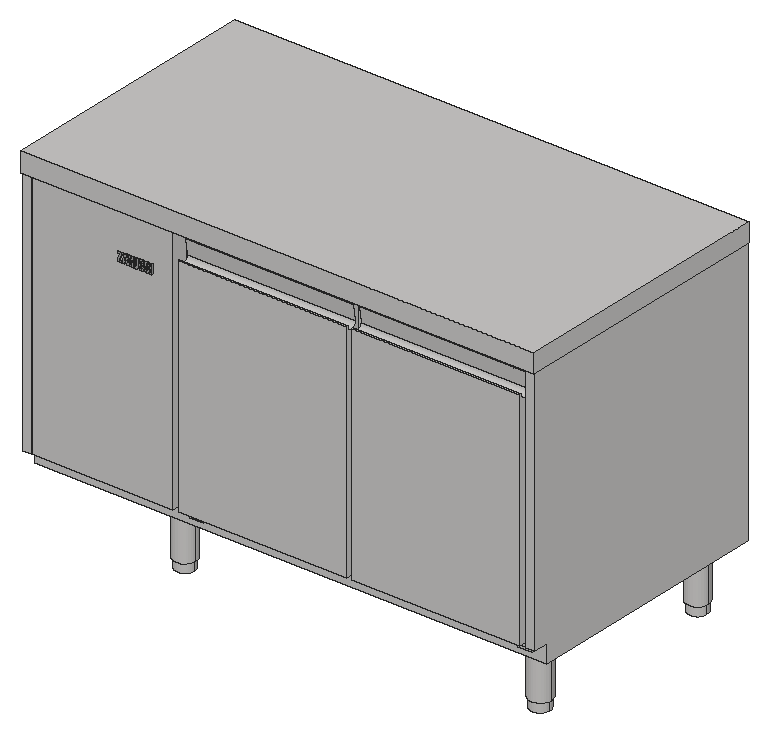
Revit family "QF_ZANUSSI_111021_ZH2HBAA", category Specialty Equipment, Revit 2018
Family settings
  Round Connector Dimension = Use Diameter
  Part Type = Normal
  Work Plane-Based = No
  Always vertical = Yes
  Cut with Voids When Loaded = No
  Shared = No
  Room Calculation Point = No
Parameters
  Weight = 0.00 kg
  Watts = 0.0232258 W
  Volts = 220 V
  URL Manufacturer = "http://www.zanussiprofessional.com/"
  URL = "http://www.zanussiprofessional.com/"
  Steam Supply Size = 0 mm
  Steam Supply Minimum Pressure = 0.0 Pa
  Steam Supply Maximum Pressure = 0.0 Pa
  Steam Pounds per Hour = 0
  Show Logo [instance] = yes
  Show Clearance [instance] = yes
  Refrigeration Suction Line Size = 0 mm
  Refrigeration Liquid Line Size = 0 mm
  Refrigerant Compressor Remote = yes
  Manufacturer = "Zanussi"
  Phase = 1
  Model = "ZH2HBAA"
  Length Actual = 1345 mm  # constant formula
  Item Number = "111021"
  Hot Water Size = 0 mm
  Height Actual = 900 mm  # constant formula
  HP = "0.3 HP"
  Gas Size = 0 mm
  Gas KW = 0
  Gas Input Pressure = 0 W
  Description = "2 DOORS REFRIGERATED TABLE 290L"
  Depth Actual = 700 mm  # constant formula
  Cycle = 50 Hz
  Condensate Return Size = 0 mm
  Compressed Air Volume = 0.0 L/s
  Compressed Air Size = 0 mm
  Compressed Air Pressure = 0.0 Pa
  Cold Water Size = 0 mm
  Accessory = yes
Reference planes
  plane 1 "Center X": y = 182.5
  plane 2: z = 0
  plane 3 "Center Y": x = -126.5
  plane 4: y = -62.5
  plane 5: y = 451.5
  plane 6 "BACK": y = 532.5
  plane 7 "FRONT": y = -167.5
  plane 8: x = -452
  plane 9: x = 478
  plane 10: z = 150
  plane 11 "TOP": z = 900
  plane 12: z = 850
  plane 13 "LEFT": x = -797
  plane 14 "RIGHT": x = 544
  plane 15: x = -799
  plane 16: x = 546
Forms (mm)
  Extrusion 1, solid, material "QF_Finishes_Stainless Steel"
    sketch origin (-126.5, 2, 0) x (0, 1, 0) y (0, 0, 1)
      loop
        line (530.5, 150) -> (530.5, 850) -> (-124.5, 850) -> (-124.5, 150) -> (530.5, 150)
    from -670.5 to 670.5
  Extrusion 2, solid, material "QF_Finishes_Stainless Steel"
    sketch origin (-1022.223, -1524, 150) x (-1, 0, 0) y (0, -1, 0)
      loop
        line (-225.223, -1361.5) -> (-250.223, -1361.5) -> (-250.223, -1401.5) -> (-225.223, -1401.5) -> (-225.223, -1361.5)
      loop
        line (-1566.223, -1401.5) -> (-1541.223, -1401.5) -> (-1541.223, -1361.5) -> (-1566.223, -1361.5) -> (-1566.223, -1401.5)
    from 47 to 700
  Extrusion 3, solid, material "QF_Finishes_Stainless Steel"
    sketch origin (0, 0, 900) x (-1, 0, 0) y (0, -1, 0)
      loop
        circle (-57, -94.5) r 8.45
    from -790.577 to -750
  Extrusion 4, solid, material "QF_Finishes_Stainless Steel"
    sketch origin (0, 0, 0) x (1, 0, 0) y (0, 1, 0)
      loop
        circle (-713, 451.5) r 4
    from 109.423 to 150
  Extrusion 5, solid, material "QF_Finishes_Stainless Steel"
    sketch origin (-126.5, 0, 0) x (0, 1, 0) y (0, 0, 1)
      loop
        line (-167.5, 900) -> (-167.5, 850) -> (532.5, 850) -> (532.5, 900) -> (-167.5, 900)
    from 672.5 to -672.5
Cuts and joins
  joined: Extrusion 1, Extrusion 2
Lines and regions (mm)
  symbolic lines, style "SpecialityEquipmentHiddenLines"
    curve 1: line (-799, -122.5, 900) -> (546, -122.5, 900)
    curve 2: line (-396, -167.5, 900) -> (-396, -122.5, 900)
  symbolic lines, style "SpecialityEquipment"
    curve 3: line (-799, 532.5, 900) -> (546, 532.5, 900)
    curve 4: line (-799, 532.5, 900) -> (-799, -167.5, 900)
    curve 5: line (-799, -167.5, 900) -> (546, -167.5, 900)
    curve 6: line (546, -167.5, 900) -> (546, 532.5, 900)
Dimensions and locks
  locked: plane 6 "BACK" to plane 7 "FRONT" at 700
  equal spacing: plane 6 "BACK", plane 1 "Center X", plane 7 "FRONT"
  locked: plane 6 "BACK" to plane 5 at 81
  plane 10 to level = 150 mm
  plane 11 "TOP" to plane 12 to plane 10 = 50 mm locked, 700 mm locked
  locked: Extrusion 2 sketch curve to Extrusion 2 sketch curve at 25  (x2)
  locked: plane 4 to plane 7 "FRONT" at 105
  locked: plane 6 "BACK" to Extrusion 3 sketch curve at 438
  equal spacing: plane 13 "LEFT", plane 3 "Center Y", plane 14 "RIGHT"
  plane 15 to plane 16 = 1345 mm
  locked: plane 13 "LEFT" to plane 8 at 345
  locked: plane 9 to plane 14 "RIGHT" at 66
  locked: Extrusion 3 sketch curve to plane 14 "RIGHT" at 487
  plane 13 "LEFT" to Extrusion 4 sketch curve = 84 mm
  locked: plane 6 "BACK" to Extrusion 4 sketch curve at 81
  locked: plane 10 to Extrusion 4 at 40.577
  aligned and locked: level to plane 2
  aligned and locked: plane 10 to Extrusion 3
  aligned and locked: nested 4 to plane 4
  aligned and locked: nested 1 to plane 4
  aligned and locked: nested 3 to plane 5
  aligned and locked: nested 2 to plane 5
  aligned and locked: plane 8 to nested 1
  aligned and locked: plane 8 to nested 2
  aligned and locked: plane 9 to nested 4
  aligned and locked: plane 9 to nested 3
  aligned and locked: Extrusion 1 to Extrusion 2
  aligned and locked: Extrusion 2 to Extrusion 1
  aligned and locked: Extrusion 2 sketch curve to plane 14 "RIGHT"
  aligned and locked: plane 13 "LEFT" to Extrusion 2 sketch curve
  aligned and locked: cut or joined group of Extrusion 1, Extrusion 2 to plane 10
  aligned and locked: plane 12 to cut or joined group of Extrusion 1, Extrusion 2
  aligned and locked: plane 10 to Extrusion 4
  aligned and locked: Extrusion 5 sketch curve to plane 11 "TOP"
  aligned and locked: plane 7 "FRONT" to Extrusion 5 sketch curve
  aligned and locked: Extrusion 5 sketch curve to cut or joined group of Extrusion 1, Extrusion 2  (x2)
  aligned and locked: Extrusion 5 to curve 3
Automatic sketch dimensions
  plane 7 "FRONT" to Extrusion 2 sketch curve = 45 mm  (x2)
  plane 7 "FRONT" to Extrusion 2 sketch curve = 5 mm  (x2)
  curve 2 to plane 7 "FRONT" = 0 mm
  curve 5 to plane 15 = 0 mm
  curve 3 to plane 6 "BACK" = 0 mm
  plane 8 to curve 2 = 56 mm
  plane 7 "FRONT" to curve 1 = 45 mm
  Extrusion 1 sketch curve to plane 10 = 0 mm
  Extrusion 1 sketch curve to plane 12 = 0 mm
  Extrusion 1 sketch curve to plane 6 "BACK" = 0 mm
  plane 7 "FRONT" to Extrusion 1 sketch curve = 45 mm
  radius of Extrusion 3 sketch curve = 8.45 mm
  radius of Extrusion 4 sketch curve = 4 mm
Nested families
  nested 1: "Foot_Ø50_H150" at (-452, -62.5, 0), type "Foot_Ø50_H150"
  nested 2: "Foot_Ø50_H150" at (-452, 451.5, 0), type "Foot_Ø50_H150"
  nested 3: "Foot_Ø50_H150" at (478, 451.5, 0), type "Foot_Ø50_H150"
  nested 4: "Foot_Ø50_H150" at (478, -62.5, 0), type "Foot_Ø50_H150"
  nested 5: "Door" at (285, -164.5, 0), Show Clearance <- "Show Clearance", type "Door"
  nested 6: "Door" at (-169, -164.5, 0) x (-1, 0, 0) z (0, 0, 1), Show Clearance <- "Show Clearance", type "Door"
  nested 7: "Refrigerator" at (544, -167.5, 900), type "Refrigerator"
  nested 8: "ZAN_Cooling Unit" at (-587.5, -164.5, 0), Show Logo <- "Show Logo", type "ZAN_Cooling Unit"
Connectors
  electrical at (-713, 451.5, 109.423), driven by "Volts"
    settings: on Extrusion 4, index 4, voltage 220 V, apparent load 0 VA, apparent load phase1 0 VA, apparent load phase2 0 VA, apparent load phase3 0 VA, power factor 1, load classification "Altro", number of poles 1, system type 30, power factor state 1, is connector primary yes, connector utility no, sub classification motor no, connector description "Electrical Connection"
  piping at (57, 94.5, 109.423), diameter 17
    settings: on Extrusion 3, index 5, connector inside diameter 609.6 mm, connector length 0 mm, flow factor 0, pipe flow 0.0 L/s, pressure drop 0.0 Pa, fitting loss kfactor 0, connector angle 0.00°, fixture units 0, engagement length 0 mm, angle of deflection 0.00°, flow configuration 1, flow direction 2, fitting loss method 0, system type 16, joint type 0, gender type 0, connector reference index -1, connector utility 0, adjustable connector no, is connector primary yes, connector description "Drain"
Definition of nested family "Foot_Ø50_H150"
  Reference planes
    plane 1 "Centro (Fronte/Retro)": y = 0
    plane 2: z = 0
    plane 3 "Centro (Sinistra/Destra)": x = 0
    plane 4: z = 150
  Forms (mm)
    Revolve 1, solid
      sketch origin (255.05, 0, 608.09) x (0, 0, 1) y (-1, 0, 0)
        loop
          line (-608.09, 255.05) -> (-608.09, 230.05) -> (-583.09, 230.05) -> (-583.09, 226.05) -> (-458.09, 226.05) -> (-458.09, 255.05) -> (-608.09, 255.05)
        axis (-608.09, 255.05) -> (-458.09, 255.05)
      angle from 0 to 360
  Dimensions and locks
    locked: Revolve 1 sketch curve to Revolve 1 sketch curve at 125
    aligned and locked: level to plane 2
    aligned and locked: plane 4 to Revolve 1 sketch curve
    aligned and locked: Revolve 1 sketch curve to level
    aligned and locked: plane 3 "Centro (Sinistra/Destra)" to Revolve 1 sketch curve
Definition of nested family "Door"
  Parameters
    Show Clearance [instance] = yes
  Reference planes
    plane 1 "FRONT": y = -3
    plane 2: z = 0
    plane 3 "Centro (Sinistra/Destra)": x = 0
    plane 4: z = 150
    plane 5: z = 850
    plane 6: x = -234
    plane 7: x = 234
    plane 8: x = -220
    plane 9: x = 220
  Forms (mm)
    Extrusion 1, solid
      sketch origin (0, 53, 511) x (0, 0, 1) y (0, -1, 0)
        loop
          line (-323.003, 28.5) -> (-316.501, 28.5) -> (-316.501, 31) -> (-325.503, 31) -> (-325.503, 13.5) -> (-345.503, 13.5) -> (-345.503, 11) -> (-323.003, 11) -> (-323.003, 23.259) -> (-323.003, 28.5)
        loop
          line (-314, 27) -> (-316.501, 27) -> (-316.501, 18.501) -> (-319.752, 18.501) -> (-319.752, 16) -> (-314, 16) -> (-314, 27)
        loop
          line (315.003, 27) -> (315.003, 13.948) -> (315.003, 11) -> (327.503, 11) -> (327.503, 13.5) -> (317.503, 13.5) -> (317.503, 27) -> (315.003, 27)
      from 185 to 220
    Extrusion 2, solid, visible <- "Show Clearance", detail levels coarse
      sketch origin (0, 53, 511) x (0, -1, 0) y (1, 0, 0)
        loop
          line (51, 220) -> (51, -220)
          arc (51, -220) -> (339.234, -79.44) -> (454, 220) r 437.168
          line (454, 220) -> (51, 220)
      from -314 to 314
    Extrusion 3, solid
      sketch origin (0, 55, 511) x (0, 0, 1) y (0, -1, 0)
        loop
          line (314, 18) -> (314, 29) -> (274.395, 22.5)
          arc (274.395, 22.5) -> (260.395, 36.5) -> (274.395, 50.5) r 14
          line (274.395, 50.5) -> (274.395, 53) -> (-314, 53) -> (-314, 18) -> (314, 18)
      from -220 to 220
  Lines and regions (mm)
    symbolic lines
      curve 1: line (220, -3, 0) -> (220, -401, 0)
      curve 2: line (220, -401, 0) -> (185, -401, 0)
      curve 3: line (185, -401, 0) -> (185, -3, 0)
      curve 4: arc (-219.722, -3, 0) -> (-89.51, -275.368, 0) -> (185, -401, 0) r 442.855
  Dimensions and locks
    aligned and locked: level to plane 2
Definition of nested family "ZAN_Cooling Unit"
  Parameters
    Show Logo [instance] = yes
  Reference planes
    plane 1 "FRONT": y = -3
    plane 2: z = 0
    plane 3 "Centro (Sinistra/Destra)": x = 0
    plane 4: z = 150
    plane 5: z = 850
    plane 6: x = -184.5
    plane 7: x = 184.5
  Forms (mm)
    Extrusion 1, solid
      sketch origin (0, 55, 511) x (0, 0, 1) y (0, -1, 0)
        loop
          line (-314, 53) -> (-314, 13) -> (339, 13) -> (339, 53) -> (-314, 53)
      from -184.5 to 184.5
  Lines and regions (mm)
    Split face 1
      outline origin (0, 2, 197) x (0, 0, 1) y (-1, 0, 0)
        loop
          line (566.835, 184.5) -> (566.835, -184.5)
        loop
          line (521.835, 184.5) -> (521.835, -184.5)
    Split face 2
      outline origin (0, 2, 197) x (0, 0, 1) y (-1, 0, 0)
        loop
          arc (510.649, 158.547) -> (506.648, 162.548) -> (502.647, 158.547) r 4.001
          line (502.647, 158.547) -> (502.647, 116.535)
          arc (502.647, 116.535) -> (506.648, 112.533) -> (510.649, 116.535) r 4.001
          line (510.649, 116.535) -> (510.649, 158.547)
    Split face 3
      outline origin (0, 2, 184.996) x (0, 0, 1) y (-1, 0, 0)
        loop
          arc (510.649, 158.547) -> (506.648, 162.548) -> (502.647, 158.547) r 4.001
          line (502.647, 158.547) -> (502.647, 116.535)
          arc (502.647, 116.535) -> (506.648, 112.533) -> (510.649, 116.535) r 4.001
          line (510.649, 116.535) -> (510.649, 158.547)
    Split face 4
      outline origin (0, 2, 172.993) x (0, 0, 1) y (-1, 0, 0)
        loop
          arc (510.649, 158.547) -> (506.648, 162.548) -> (502.647, 158.547) r 4.001
          line (502.647, 158.547) -> (502.647, 116.535)
          arc (502.647, 116.535) -> (506.648, 112.533) -> (510.649, 116.535) r 4.001
          line (510.649, 116.535) -> (510.649, 158.547)
    Split face 5
      outline origin (0, 2, 160.989) x (0, 0, 1) y (-1, 0, 0)
        loop
          arc (510.649, 158.547) -> (506.648, 162.548) -> (502.647, 158.547) r 4.001
          line (502.647, 158.547) -> (502.647, 116.535)
          arc (502.647, 116.535) -> (506.648, 112.533) -> (510.649, 116.535) r 4.001
          line (510.649, 116.535) -> (510.649, 158.547)
    Split face 6
      outline origin (0, 2, 148.986) x (0, 0, 1) y (-1, 0, 0)
        loop
          arc (510.649, 158.547) -> (506.648, 162.548) -> (502.647, 158.547) r 4.001
          line (502.647, 158.547) -> (502.647, 116.535)
          arc (502.647, 116.535) -> (506.648, 112.533) -> (510.649, 116.535) r 4.001
          line (510.649, 116.535) -> (510.649, 158.547)
    Split face 7
      outline origin (0, 2, 136.982) x (0, 0, 1) y (-1, 0, 0)
        loop
          arc (510.649, 158.547) -> (506.648, 162.548) -> (502.647, 158.547) r 4.001
          line (502.647, 158.547) -> (502.647, 116.535)
          arc (502.647, 116.535) -> (506.648, 112.533) -> (510.649, 116.535) r 4.001
          line (510.649, 116.535) -> (510.649, 158.547)
    Split face 8
      outline origin (0, 2, 124.979) x (0, 0, 1) y (-1, 0, 0)
        loop
          arc (510.649, 158.547) -> (506.648, 162.548) -> (502.647, 158.547) r 4.001
          line (502.647, 158.547) -> (502.647, 116.535)
          arc (502.647, 116.535) -> (506.648, 112.533) -> (510.649, 116.535) r 4.001
          line (510.649, 116.535) -> (510.649, 158.547)
    Split face 9
      outline origin (0, 2, 112.975) x (0, 0, 1) y (-1, 0, 0)
        loop
          arc (510.649, 158.547) -> (506.648, 162.548) -> (502.647, 158.547) r 4.001
          line (502.647, 158.547) -> (502.647, 116.535)
          arc (502.647, 116.535) -> (506.648, 112.533) -> (510.649, 116.535) r 4.001
          line (510.649, 116.535) -> (510.649, 158.547)
    Split face 10
      outline origin (0, 2, 100.972) x (0, 0, 1) y (-1, 0, 0)
        loop
          arc (510.649, 158.547) -> (506.648, 162.548) -> (502.647, 158.547) r 4.001
          line (502.647, 158.547) -> (502.647, 116.535)
          arc (502.647, 116.535) -> (506.648, 112.533) -> (510.649, 116.535) r 4.001
          line (510.649, 116.535) -> (510.649, 158.547)
    Split face 11
      outline origin (0, 2, 88.968) x (0, 0, 1) y (-1, 0, 0)
        loop
          arc (510.649, 158.547) -> (506.648, 162.548) -> (502.647, 158.547) r 4.001
          line (502.647, 158.547) -> (502.647, 116.535)
          arc (502.647, 116.535) -> (506.648, 112.533) -> (510.649, 116.535) r 4.001
          line (510.649, 116.535) -> (510.649, 158.547)
    Split face 12
      outline origin (0, 2, 76.965) x (0, 0, 1) y (-1, 0, 0)
        loop
          arc (510.649, 158.547) -> (506.648, 162.548) -> (502.647, 158.547) r 4.001
          line (502.647, 158.547) -> (502.647, 116.535)
          arc (502.647, 116.535) -> (506.648, 112.533) -> (510.649, 116.535) r 4.001
          line (510.649, 116.535) -> (510.649, 158.547)
    Split face 13
      outline origin (0, 2, 64.961) x (0, 0, 1) y (-1, 0, 0)
        loop
          arc (510.649, 158.547) -> (506.648, 162.548) -> (502.647, 158.547) r 4.001
          line (502.647, 158.547) -> (502.647, 116.535)
          arc (502.647, 116.535) -> (506.648, 112.533) -> (510.649, 116.535) r 4.001
          line (510.649, 116.535) -> (510.649, 158.547)
    Split face 14
      outline origin (0, 2, 52.958) x (0, 0, 1) y (-1, 0, 0)
        loop
          arc (510.649, 158.547) -> (506.648, 162.548) -> (502.647, 158.547) r 4.001
          line (502.647, 158.547) -> (502.647, 116.535)
          arc (502.647, 116.535) -> (506.648, 112.533) -> (510.649, 116.535) r 4.001
          line (510.649, 116.535) -> (510.649, 158.547)
    Split face 15
      outline origin (0, 2, 40.954) x (0, 0, 1) y (-1, 0, 0)
        loop
          arc (510.649, 158.547) -> (506.648, 162.548) -> (502.647, 158.547) r 4.001
          line (502.647, 158.547) -> (502.647, 116.535)
          arc (502.647, 116.535) -> (506.648, 112.533) -> (510.649, 116.535) r 4.001
          line (510.649, 116.535) -> (510.649, 158.547)
    Split face 16
      outline origin (0, 2, 28.951) x (0, 0, 1) y (-1, 0, 0)
        loop
          arc (510.649, 158.547) -> (506.648, 162.548) -> (502.647, 158.547) r 4.001
          line (502.647, 158.547) -> (502.647, 116.535)
          arc (502.647, 116.535) -> (506.648, 112.533) -> (510.649, 116.535) r 4.001
          line (510.649, 116.535) -> (510.649, 158.547)
    Split face 17
      outline origin (0, 2, 16.947) x (0, 0, 1) y (-1, 0, 0)
        loop
          arc (510.649, 158.547) -> (506.648, 162.548) -> (502.647, 158.547) r 4.001
          line (502.647, 158.547) -> (502.647, 116.535)
          arc (502.647, 116.535) -> (506.648, 112.533) -> (510.649, 116.535) r 4.001
          line (510.649, 116.535) -> (510.649, 158.547)
    Split face 18
      outline origin (55.016, 2, 197) x (0, 0, 1) y (-1, 0, 0)
        loop
          arc (510.649, 158.547) -> (506.648, 162.548) -> (502.647, 158.547) r 4.001
          line (502.647, 158.547) -> (502.647, 116.535)
          arc (502.647, 116.535) -> (506.648, 112.533) -> (510.649, 116.535) r 4.001
          line (510.649, 116.535) -> (510.649, 158.547)
    Split face 19
      outline origin (55.016, 2, 184.996) x (0, 0, 1) y (-1, 0, 0)
        loop
          arc (510.649, 158.547) -> (506.648, 162.548) -> (502.647, 158.547) r 4.001
          line (502.647, 158.547) -> (502.647, 116.535)
          arc (502.647, 116.535) -> (506.648, 112.533) -> (510.649, 116.535) r 4.001
          line (510.649, 116.535) -> (510.649, 158.547)
    Split face 20
      outline origin (55.016, 2, 172.993) x (0, 0, 1) y (-1, 0, 0)
        loop
          arc (510.649, 158.547) -> (506.648, 162.548) -> (502.647, 158.547) r 4.001
          line (502.647, 158.547) -> (502.647, 116.535)
          arc (502.647, 116.535) -> (506.648, 112.533) -> (510.649, 116.535) r 4.001
          line (510.649, 116.535) -> (510.649, 158.547)
    Split face 21
      outline origin (55.016, 2, 160.989) x (0, 0, 1) y (-1, 0, 0)
        loop
          arc (510.649, 158.547) -> (506.648, 162.548) -> (502.647, 158.547) r 4.001
          line (502.647, 158.547) -> (502.647, 116.535)
          arc (502.647, 116.535) -> (506.648, 112.533) -> (510.649, 116.535) r 4.001
          line (510.649, 116.535) -> (510.649, 158.547)
    Split face 22
      outline origin (55.016, 2, 148.986) x (0, 0, 1) y (-1, 0, 0)
        loop
          arc (510.649, 158.547) -> (506.648, 162.548) -> (502.647, 158.547) r 4.001
          line (502.647, 158.547) -> (502.647, 116.535)
          arc (502.647, 116.535) -> (506.648, 112.533) -> (510.649, 116.535) r 4.001
          line (510.649, 116.535) -> (510.649, 158.547)
    Split face 23
      outline origin (55.016, 2, 136.982) x (0, 0, 1) y (-1, 0, 0)
        loop
          arc (510.649, 158.547) -> (506.648, 162.548) -> (502.647, 158.547) r 4.001
          line (502.647, 158.547) -> (502.647, 116.535)
          arc (502.647, 116.535) -> (506.648, 112.533) -> (510.649, 116.535) r 4.001
          line (510.649, 116.535) -> (510.649, 158.547)
    Split face 24
      outline origin (55.016, 2, 124.979) x (0, 0, 1) y (-1, 0, 0)
        loop
          arc (510.649, 158.547) -> (506.648, 162.548) -> (502.647, 158.547) r 4.001
          line (502.647, 158.547) -> (502.647, 116.535)
          arc (502.647, 116.535) -> (506.648, 112.533) -> (510.649, 116.535) r 4.001
          line (510.649, 116.535) -> (510.649, 158.547)
    Split face 25
      outline origin (55.016, 2, 112.975) x (0, 0, 1) y (-1, 0, 0)
        loop
          arc (510.649, 158.547) -> (506.648, 162.548) -> (502.647, 158.547) r 4.001
          line (502.647, 158.547) -> (502.647, 116.535)
          arc (502.647, 116.535) -> (506.648, 112.533) -> (510.649, 116.535) r 4.001
          line (510.649, 116.535) -> (510.649, 158.547)
    Split face 26
      outline origin (55.016, 2, 100.972) x (0, 0, 1) y (-1, 0, 0)
        loop
          arc (510.649, 158.547) -> (506.648, 162.548) -> (502.647, 158.547) r 4.001
          line (502.647, 158.547) -> (502.647, 116.535)
          arc (502.647, 116.535) -> (506.648, 112.533) -> (510.649, 116.535) r 4.001
          line (510.649, 116.535) -> (510.649, 158.547)
    Split face 27
      outline origin (55.016, 2, 88.968) x (0, 0, 1) y (-1, 0, 0)
        loop
          arc (510.649, 158.547) -> (506.648, 162.548) -> (502.647, 158.547) r 4.001
          line (502.647, 158.547) -> (502.647, 116.535)
          arc (502.647, 116.535) -> (506.648, 112.533) -> (510.649, 116.535) r 4.001
          line (510.649, 116.535) -> (510.649, 158.547)
    Split face 28
      outline origin (55.016, 2, 76.965) x (0, 0, 1) y (-1, 0, 0)
        loop
          arc (510.649, 158.547) -> (506.648, 162.548) -> (502.647, 158.547) r 4.001
          line (502.647, 158.547) -> (502.647, 116.535)
          arc (502.647, 116.535) -> (506.648, 112.533) -> (510.649, 116.535) r 4.001
          line (510.649, 116.535) -> (510.649, 158.547)
    Split face 29
      outline origin (55.016, 2, 64.961) x (0, 0, 1) y (-1, 0, 0)
        loop
          arc (510.649, 158.547) -> (506.648, 162.548) -> (502.647, 158.547) r 4.001
          line (502.647, 158.547) -> (502.647, 116.535)
          arc (502.647, 116.535) -> (506.648, 112.533) -> (510.649, 116.535) r 4.001
          line (510.649, 116.535) -> (510.649, 158.547)
    Split face 30
      outline origin (55.016, 2, 52.958) x (0, 0, 1) y (-1, 0, 0)
        loop
          arc (510.649, 158.547) -> (506.648, 162.548) -> (502.647, 158.547) r 4.001
          line (502.647, 158.547) -> (502.647, 116.535)
          arc (502.647, 116.535) -> (506.648, 112.533) -> (510.649, 116.535) r 4.001
          line (510.649, 116.535) -> (510.649, 158.547)
    Split face 31
      outline origin (55.016, 2, 40.954) x (0, 0, 1) y (-1, 0, 0)
        loop
          arc (510.649, 158.547) -> (506.648, 162.548) -> (502.647, 158.547) r 4.001
          line (502.647, 158.547) -> (502.647, 116.535)
          arc (502.647, 116.535) -> (506.648, 112.533) -> (510.649, 116.535) r 4.001
          line (510.649, 116.535) -> (510.649, 158.547)
    Split face 32
      outline origin (55.016, 2, 28.951) x (0, 0, 1) y (-1, 0, 0)
        loop
          arc (510.649, 158.547) -> (506.648, 162.548) -> (502.647, 158.547) r 4.001
          line (502.647, 158.547) -> (502.647, 116.535)
          arc (502.647, 116.535) -> (506.648, 112.533) -> (510.649, 116.535) r 4.001
          line (510.649, 116.535) -> (510.649, 158.547)
    Split face 33
      outline origin (55.016, 2, 16.947) x (0, 0, 1) y (-1, 0, 0)
        loop
          arc (510.649, 158.547) -> (506.648, 162.548) -> (502.647, 158.547) r 4.001
          line (502.647, 158.547) -> (502.647, 116.535)
          arc (502.647, 116.535) -> (506.648, 112.533) -> (510.649, 116.535) r 4.001
          line (510.649, 116.535) -> (510.649, 158.547)
    Split face 34
      outline origin (110.032, 2, 197) x (0, 0, 1) y (-1, 0, 0)
        loop
          arc (510.649, 158.547) -> (506.648, 162.548) -> (502.647, 158.547) r 4.001
          line (502.647, 158.547) -> (502.647, 116.535)
          arc (502.647, 116.535) -> (506.648, 112.533) -> (510.649, 116.535) r 4.001
          line (510.649, 116.535) -> (510.649, 158.547)
    Split face 35
      outline origin (110.032, 2, 184.996) x (0, 0, 1) y (-1, 0, 0)
        loop
          arc (510.649, 158.547) -> (506.648, 162.548) -> (502.647, 158.547) r 4.001
          line (502.647, 158.547) -> (502.647, 116.535)
          arc (502.647, 116.535) -> (506.648, 112.533) -> (510.649, 116.535) r 4.001
          line (510.649, 116.535) -> (510.649, 158.547)
    Split face 36
      outline origin (110.032, 2, 172.993) x (0, 0, 1) y (-1, 0, 0)
        loop
          arc (510.649, 158.547) -> (506.648, 162.548) -> (502.647, 158.547) r 4.001
          line (502.647, 158.547) -> (502.647, 116.535)
          arc (502.647, 116.535) -> (506.648, 112.533) -> (510.649, 116.535) r 4.001
          line (510.649, 116.535) -> (510.649, 158.547)
    Split face 37
      outline origin (110.032, 2, 160.989) x (0, 0, 1) y (-1, 0, 0)
        loop
          arc (510.649, 158.547) -> (506.648, 162.548) -> (502.647, 158.547) r 4.001
          line (502.647, 158.547) -> (502.647, 116.535)
          arc (502.647, 116.535) -> (506.648, 112.533) -> (510.649, 116.535) r 4.001
          line (510.649, 116.535) -> (510.649, 158.547)
    Split face 38
      outline origin (110.032, 2, 148.986) x (0, 0, 1) y (-1, 0, 0)
        loop
          arc (510.649, 158.547) -> (506.648, 162.548) -> (502.647, 158.547) r 4.001
          line (502.647, 158.547) -> (502.647, 116.535)
          arc (502.647, 116.535) -> (506.648, 112.533) -> (510.649, 116.535) r 4.001
          line (510.649, 116.535) -> (510.649, 158.547)
    Split face 39
      outline origin (110.032, 2, 136.982) x (0, 0, 1) y (-1, 0, 0)
        loop
          arc (510.649, 158.547) -> (506.648, 162.548) -> (502.647, 158.547) r 4.001
          line (502.647, 158.547) -> (502.647, 116.535)
          arc (502.647, 116.535) -> (506.648, 112.533) -> (510.649, 116.535) r 4.001
          line (510.649, 116.535) -> (510.649, 158.547)
    Split face 40
      outline origin (110.032, 2, 124.979) x (0, 0, 1) y (-1, 0, 0)
        loop
          arc (510.649, 158.547) -> (506.648, 162.548) -> (502.647, 158.547) r 4.001
          line (502.647, 158.547) -> (502.647, 116.535)
          arc (502.647, 116.535) -> (506.648, 112.533) -> (510.649, 116.535) r 4.001
          line (510.649, 116.535) -> (510.649, 158.547)
    Split face 41
      outline origin (110.032, 2, 112.975) x (0, 0, 1) y (-1, 0, 0)
        loop
          arc (510.649, 158.547) -> (506.648, 162.548) -> (502.647, 158.547) r 4.001
          line (502.647, 158.547) -> (502.647, 116.535)
          arc (502.647, 116.535) -> (506.648, 112.533) -> (510.649, 116.535) r 4.001
          line (510.649, 116.535) -> (510.649, 158.547)
    Split face 42
      outline origin (110.032, 2, 100.972) x (0, 0, 1) y (-1, 0, 0)
        loop
          arc (510.649, 158.547) -> (506.648, 162.548) -> (502.647, 158.547) r 4.001
          line (502.647, 158.547) -> (502.647, 116.535)
          arc (502.647, 116.535) -> (506.648, 112.533) -> (510.649, 116.535) r 4.001
          line (510.649, 116.535) -> (510.649, 158.547)
    Split face 43
      outline origin (110.032, 2, 88.968) x (0, 0, 1) y (-1, 0, 0)
        loop
          arc (510.649, 158.547) -> (506.648, 162.548) -> (502.647, 158.547) r 4.001
          line (502.647, 158.547) -> (502.647, 116.535)
          arc (502.647, 116.535) -> (506.648, 112.533) -> (510.649, 116.535) r 4.001
          line (510.649, 116.535) -> (510.649, 158.547)
    Split face 44
      outline origin (110.032, 2, 76.965) x (0, 0, 1) y (-1, 0, 0)
        loop
          arc (510.649, 158.547) -> (506.648, 162.548) -> (502.647, 158.547) r 4.001
          line (502.647, 158.547) -> (502.647, 116.535)
          arc (502.647, 116.535) -> (506.648, 112.533) -> (510.649, 116.535) r 4.001
          line (510.649, 116.535) -> (510.649, 158.547)
    Split face 45
      outline origin (110.032, 2, 64.961) x (0, 0, 1) y (-1, 0, 0)
        loop
          arc (510.649, 158.547) -> (506.648, 162.548) -> (502.647, 158.547) r 4.001
          line (502.647, 158.547) -> (502.647, 116.535)
          arc (502.647, 116.535) -> (506.648, 112.533) -> (510.649, 116.535) r 4.001
          line (510.649, 116.535) -> (510.649, 158.547)
    Split face 46
      outline origin (110.032, 2, 52.958) x (0, 0, 1) y (-1, 0, 0)
        loop
          arc (510.649, 158.547) -> (506.648, 162.548) -> (502.647, 158.547) r 4.001
          line (502.647, 158.547) -> (502.647, 116.535)
          arc (502.647, 116.535) -> (506.648, 112.533) -> (510.649, 116.535) r 4.001
          line (510.649, 116.535) -> (510.649, 158.547)
    Split face 47
      outline origin (110.032, 2, 40.954) x (0, 0, 1) y (-1, 0, 0)
        loop
          arc (510.649, 158.547) -> (506.648, 162.548) -> (502.647, 158.547) r 4.001
          line (502.647, 158.547) -> (502.647, 116.535)
          arc (502.647, 116.535) -> (506.648, 112.533) -> (510.649, 116.535) r 4.001
          line (510.649, 116.535) -> (510.649, 158.547)
    Split face 48
      outline origin (110.032, 2, 28.951) x (0, 0, 1) y (-1, 0, 0)
        loop
          arc (510.649, 158.547) -> (506.648, 162.548) -> (502.647, 158.547) r 4.001
          line (502.647, 158.547) -> (502.647, 116.535)
          arc (502.647, 116.535) -> (506.648, 112.533) -> (510.649, 116.535) r 4.001
          line (510.649, 116.535) -> (510.649, 158.547)
    Split face 49
      outline origin (110.032, 2, 16.947) x (0, 0, 1) y (-1, 0, 0)
        loop
          arc (510.649, 158.547) -> (506.648, 162.548) -> (502.647, 158.547) r 4.001
          line (502.647, 158.547) -> (502.647, 116.535)
          arc (502.647, 116.535) -> (506.648, 112.533) -> (510.649, 116.535) r 4.001
          line (510.649, 116.535) -> (510.649, 158.547)
    Split face 50
      outline origin (165.048, 2, 197) x (0, 0, 1) y (-1, 0, 0)
        loop
          arc (510.649, 158.547) -> (506.648, 162.548) -> (502.647, 158.547) r 4.001
          line (502.647, 158.547) -> (502.647, 116.535)
          arc (502.647, 116.535) -> (506.648, 112.533) -> (510.649, 116.535) r 4.001
          line (510.649, 116.535) -> (510.649, 158.547)
    Split face 51
      outline origin (165.048, 2, 184.996) x (0, 0, 1) y (-1, 0, 0)
        loop
          arc (510.649, 158.547) -> (506.648, 162.548) -> (502.647, 158.547) r 4.001
          line (502.647, 158.547) -> (502.647, 116.535)
          arc (502.647, 116.535) -> (506.648, 112.533) -> (510.649, 116.535) r 4.001
          line (510.649, 116.535) -> (510.649, 158.547)
    Split face 52
      outline origin (165.048, 2, 172.993) x (0, 0, 1) y (-1, 0, 0)
        loop
          arc (510.649, 158.547) -> (506.648, 162.548) -> (502.647, 158.547) r 4.001
          line (502.647, 158.547) -> (502.647, 116.535)
          arc (502.647, 116.535) -> (506.648, 112.533) -> (510.649, 116.535) r 4.001
          line (510.649, 116.535) -> (510.649, 158.547)
    Split face 53
      outline origin (165.048, 2, 160.989) x (0, 0, 1) y (-1, 0, 0)
        loop
          arc (510.649, 158.547) -> (506.648, 162.548) -> (502.647, 158.547) r 4.001
          line (502.647, 158.547) -> (502.647, 116.535)
          arc (502.647, 116.535) -> (506.648, 112.533) -> (510.649, 116.535) r 4.001
          line (510.649, 116.535) -> (510.649, 158.547)
    Split face 54
      outline origin (165.048, 2, 148.986) x (0, 0, 1) y (-1, 0, 0)
        loop
          arc (510.649, 158.547) -> (506.648, 162.548) -> (502.647, 158.547) r 4.001
          line (502.647, 158.547) -> (502.647, 116.535)
          arc (502.647, 116.535) -> (506.648, 112.533) -> (510.649, 116.535) r 4.001
          line (510.649, 116.535) -> (510.649, 158.547)
    Split face 55
      outline origin (165.048, 2, 136.982) x (0, 0, 1) y (-1, 0, 0)
        loop
          arc (510.649, 158.547) -> (506.648, 162.548) -> (502.647, 158.547) r 4.001
          line (502.647, 158.547) -> (502.647, 116.535)
          arc (502.647, 116.535) -> (506.648, 112.533) -> (510.649, 116.535) r 4.001
          line (510.649, 116.535) -> (510.649, 158.547)
    Split face 56
      outline origin (165.048, 2, 124.979) x (0, 0, 1) y (-1, 0, 0)
        loop
          arc (510.649, 158.547) -> (506.648, 162.548) -> (502.647, 158.547) r 4.001
          line (502.647, 158.547) -> (502.647, 116.535)
          arc (502.647, 116.535) -> (506.648, 112.533) -> (510.649, 116.535) r 4.001
          line (510.649, 116.535) -> (510.649, 158.547)
    Split face 57
      outline origin (165.048, 2, 112.975) x (0, 0, 1) y (-1, 0, 0)
        loop
          arc (510.649, 158.547) -> (506.648, 162.548) -> (502.647, 158.547) r 4.001
          line (502.647, 158.547) -> (502.647, 116.535)
          arc (502.647, 116.535) -> (506.648, 112.533) -> (510.649, 116.535) r 4.001
          line (510.649, 116.535) -> (510.649, 158.547)
    Split face 58
      outline origin (165.048, 2, 100.972) x (0, 0, 1) y (-1, 0, 0)
        loop
          arc (510.649, 158.547) -> (506.648, 162.548) -> (502.647, 158.547) r 4.001
          line (502.647, 158.547) -> (502.647, 116.535)
          arc (502.647, 116.535) -> (506.648, 112.533) -> (510.649, 116.535) r 4.001
          line (510.649, 116.535) -> (510.649, 158.547)
    Split face 59
      outline origin (165.048, 2, 88.968) x (0, 0, 1) y (-1, 0, 0)
        loop
          arc (510.649, 158.547) -> (506.648, 162.548) -> (502.647, 158.547) r 4.001
          line (502.647, 158.547) -> (502.647, 116.535)
          arc (502.647, 116.535) -> (506.648, 112.533) -> (510.649, 116.535) r 4.001
          line (510.649, 116.535) -> (510.649, 158.547)
    Split face 60
      outline origin (165.048, 2, 76.965) x (0, 0, 1) y (-1, 0, 0)
        loop
          arc (510.649, 158.547) -> (506.648, 162.548) -> (502.647, 158.547) r 4.001
          line (502.647, 158.547) -> (502.647, 116.535)
          arc (502.647, 116.535) -> (506.648, 112.533) -> (510.649, 116.535) r 4.001
          line (510.649, 116.535) -> (510.649, 158.547)
    Split face 61
      outline origin (165.048, 2, 64.961) x (0, 0, 1) y (-1, 0, 0)
        loop
          arc (510.649, 158.547) -> (506.648, 162.548) -> (502.647, 158.547) r 4.001
          line (502.647, 158.547) -> (502.647, 116.535)
          arc (502.647, 116.535) -> (506.648, 112.533) -> (510.649, 116.535) r 4.001
          line (510.649, 116.535) -> (510.649, 158.547)
    Split face 62
      outline origin (165.048, 2, 52.958) x (0, 0, 1) y (-1, 0, 0)
        loop
          arc (510.649, 158.547) -> (506.648, 162.548) -> (502.647, 158.547) r 4.001
          line (502.647, 158.547) -> (502.647, 116.535)
          arc (502.647, 116.535) -> (506.648, 112.533) -> (510.649, 116.535) r 4.001
          line (510.649, 116.535) -> (510.649, 158.547)
    Split face 63
      outline origin (165.048, 2, 40.954) x (0, 0, 1) y (-1, 0, 0)
        loop
          arc (510.649, 158.547) -> (506.648, 162.548) -> (502.647, 158.547) r 4.001
          line (502.647, 158.547) -> (502.647, 116.535)
          arc (502.647, 116.535) -> (506.648, 112.533) -> (510.649, 116.535) r 4.001
          line (510.649, 116.535) -> (510.649, 158.547)
    Split face 64
      outline origin (165.048, 2, 28.951) x (0, 0, 1) y (-1, 0, 0)
        loop
          arc (510.649, 158.547) -> (506.648, 162.548) -> (502.647, 158.547) r 4.001
          line (502.647, 158.547) -> (502.647, 116.535)
          arc (502.647, 116.535) -> (506.648, 112.533) -> (510.649, 116.535) r 4.001
          line (510.649, 116.535) -> (510.649, 158.547)
    Split face 65
      outline origin (165.048, 2, 16.947) x (0, 0, 1) y (-1, 0, 0)
        loop
          arc (510.649, 158.547) -> (506.648, 162.548) -> (502.647, 158.547) r 4.001
          line (502.647, 158.547) -> (502.647, 116.535)
          arc (502.647, 116.535) -> (506.648, 112.533) -> (510.649, 116.535) r 4.001
          line (510.649, 116.535) -> (510.649, 158.547)
    Split face 66
      outline origin (220.064, 2, 197) x (0, 0, 1) y (-1, 0, 0)
        loop
          arc (510.649, 158.547) -> (506.648, 162.548) -> (502.647, 158.547) r 4.001
          line (502.647, 158.547) -> (502.647, 116.535)
          arc (502.647, 116.535) -> (506.648, 112.533) -> (510.649, 116.535) r 4.001
          line (510.649, 116.535) -> (510.649, 158.547)
    Split face 67
      outline origin (220.064, 2, 184.996) x (0, 0, 1) y (-1, 0, 0)
        loop
          arc (510.649, 158.547) -> (506.648, 162.548) -> (502.647, 158.547) r 4.001
          line (502.647, 158.547) -> (502.647, 116.535)
          arc (502.647, 116.535) -> (506.648, 112.533) -> (510.649, 116.535) r 4.001
          line (510.649, 116.535) -> (510.649, 158.547)
    Split face 68
      outline origin (220.064, 2, 172.993) x (0, 0, 1) y (-1, 0, 0)
        loop
          arc (510.649, 158.547) -> (506.648, 162.548) -> (502.647, 158.547) r 4.001
          line (502.647, 158.547) -> (502.647, 116.535)
          arc (502.647, 116.535) -> (506.648, 112.533) -> (510.649, 116.535) r 4.001
          line (510.649, 116.535) -> (510.649, 158.547)
    Split face 69
      outline origin (220.064, 2, 160.989) x (0, 0, 1) y (-1, 0, 0)
        loop
          arc (510.649, 158.547) -> (506.648, 162.548) -> (502.647, 158.547) r 4.001
          line (502.647, 158.547) -> (502.647, 116.535)
          arc (502.647, 116.535) -> (506.648, 112.533) -> (510.649, 116.535) r 4.001
          line (510.649, 116.535) -> (510.649, 158.547)
    Split face 70
      outline origin (220.064, 2, 148.986) x (0, 0, 1) y (-1, 0, 0)
        loop
          arc (510.649, 158.547) -> (506.648, 162.548) -> (502.647, 158.547) r 4.001
          line (502.647, 158.547) -> (502.647, 116.535)
          arc (502.647, 116.535) -> (506.648, 112.533) -> (510.649, 116.535) r 4.001
          line (510.649, 116.535) -> (510.649, 158.547)
    Split face 71
      outline origin (220.064, 2, 136.982) x (0, 0, 1) y (-1, 0, 0)
        loop
          arc (510.649, 158.547) -> (506.648, 162.548) -> (502.647, 158.547) r 4.001
          line (502.647, 158.547) -> (502.647, 116.535)
          arc (502.647, 116.535) -> (506.648, 112.533) -> (510.649, 116.535) r 4.001
          line (510.649, 116.535) -> (510.649, 158.547)
    Split face 72
      outline origin (220.064, 2, 124.979) x (0, 0, 1) y (-1, 0, 0)
        loop
          arc (510.649, 158.547) -> (506.648, 162.548) -> (502.647, 158.547) r 4.001
          line (502.647, 158.547) -> (502.647, 116.535)
          arc (502.647, 116.535) -> (506.648, 112.533) -> (510.649, 116.535) r 4.001
          line (510.649, 116.535) -> (510.649, 158.547)
    Split face 73
      outline origin (220.064, 2, 112.975) x (0, 0, 1) y (-1, 0, 0)
        loop
          arc (510.649, 158.547) -> (506.648, 162.548) -> (502.647, 158.547) r 4.001
          line (502.647, 158.547) -> (502.647, 116.535)
          arc (502.647, 116.535) -> (506.648, 112.533) -> (510.649, 116.535) r 4.001
          line (510.649, 116.535) -> (510.649, 158.547)
    Split face 74
      outline origin (220.064, 2, 100.972) x (0, 0, 1) y (-1, 0, 0)
        loop
          arc (510.649, 158.547) -> (506.648, 162.548) -> (502.647, 158.547) r 4.001
          line (502.647, 158.547) -> (502.647, 116.535)
          arc (502.647, 116.535) -> (506.648, 112.533) -> (510.649, 116.535) r 4.001
          line (510.649, 116.535) -> (510.649, 158.547)
    Split face 75
      outline origin (220.064, 2, 88.968) x (0, 0, 1) y (-1, 0, 0)
        loop
          arc (510.649, 158.547) -> (506.648, 162.548) -> (502.647, 158.547) r 4.001
          line (502.647, 158.547) -> (502.647, 116.535)
          arc (502.647, 116.535) -> (506.648, 112.533) -> (510.649, 116.535) r 4.001
          line (510.649, 116.535) -> (510.649, 158.547)
    Split face 76
      outline origin (220.064, 2, 76.965) x (0, 0, 1) y (-1, 0, 0)
        loop
          arc (510.649, 158.547) -> (506.648, 162.548) -> (502.647, 158.547) r 4.001
          line (502.647, 158.547) -> (502.647, 116.535)
          arc (502.647, 116.535) -> (506.648, 112.533) -> (510.649, 116.535) r 4.001
          line (510.649, 116.535) -> (510.649, 158.547)
    Split face 77
      outline origin (220.064, 2, 64.961) x (0, 0, 1) y (-1, 0, 0)
        loop
          arc (510.649, 158.547) -> (506.648, 162.548) -> (502.647, 158.547) r 4.001
          line (502.647, 158.547) -> (502.647, 116.535)
          arc (502.647, 116.535) -> (506.648, 112.533) -> (510.649, 116.535) r 4.001
          line (510.649, 116.535) -> (510.649, 158.547)
    Split face 78
      outline origin (220.064, 2, 52.958) x (0, 0, 1) y (-1, 0, 0)
        loop
          arc (510.649, 158.547) -> (506.648, 162.548) -> (502.647, 158.547) r 4.001
          line (502.647, 158.547) -> (502.647, 116.535)
          arc (502.647, 116.535) -> (506.648, 112.533) -> (510.649, 116.535) r 4.001
          line (510.649, 116.535) -> (510.649, 158.547)
    Split face 79
      outline origin (220.064, 2, 40.954) x (0, 0, 1) y (-1, 0, 0)
        loop
          arc (510.649, 158.547) -> (506.648, 162.548) -> (502.647, 158.547) r 4.001
          line (502.647, 158.547) -> (502.647, 116.535)
          arc (502.647, 116.535) -> (506.648, 112.533) -> (510.649, 116.535) r 4.001
          line (510.649, 116.535) -> (510.649, 158.547)
    Split face 80
      outline origin (220.064, 2, 28.951) x (0, 0, 1) y (-1, 0, 0)
        loop
          arc (510.649, 158.547) -> (506.648, 162.548) -> (502.647, 158.547) r 4.001
          line (502.647, 158.547) -> (502.647, 116.535)
          arc (502.647, 116.535) -> (506.648, 112.533) -> (510.649, 116.535) r 4.001
          line (510.649, 116.535) -> (510.649, 158.547)
    Split face 81
      outline origin (220.064, 2, 16.947) x (0, 0, 1) y (-1, 0, 0)
        loop
          arc (510.649, 158.547) -> (506.648, 162.548) -> (502.647, 158.547) r 4.001
          line (502.647, 158.547) -> (502.647, 116.535)
          arc (502.647, 116.535) -> (506.648, 112.533) -> (510.649, 116.535) r 4.001
          line (510.649, 116.535) -> (510.649, 158.547)
    Split face 82
      outline origin (275.081, 2, 197) x (0, 0, 1) y (-1, 0, 0)
        loop
          arc (510.649, 158.547) -> (506.648, 162.548) -> (502.647, 158.547) r 4.001
          line (502.647, 158.547) -> (502.647, 116.535)
          arc (502.647, 116.535) -> (506.648, 112.533) -> (510.649, 116.535) r 4.001
          line (510.649, 116.535) -> (510.649, 158.547)
    Split face 83
      outline origin (275.081, 2, 184.996) x (0, 0, 1) y (-1, 0, 0)
        loop
          arc (510.649, 158.547) -> (506.648, 162.548) -> (502.647, 158.547) r 4.001
          line (502.647, 158.547) -> (502.647, 116.535)
          arc (502.647, 116.535) -> (506.648, 112.533) -> (510.649, 116.535) r 4.001
          line (510.649, 116.535) -> (510.649, 158.547)
    Split face 84
      outline origin (275.081, 2, 172.993) x (0, 0, 1) y (-1, 0, 0)
        loop
          arc (510.649, 158.547) -> (506.648, 162.548) -> (502.647, 158.547) r 4.001
          line (502.647, 158.547) -> (502.647, 116.535)
          arc (502.647, 116.535) -> (506.648, 112.533) -> (510.649, 116.535) r 4.001
          line (510.649, 116.535) -> (510.649, 158.547)
    Split face 85
      outline origin (275.081, 2, 160.989) x (0, 0, 1) y (-1, 0, 0)
        loop
          arc (510.649, 158.547) -> (506.648, 162.548) -> (502.647, 158.547) r 4.001
          line (502.647, 158.547) -> (502.647, 116.535)
          arc (502.647, 116.535) -> (506.648, 112.533) -> (510.649, 116.535) r 4.001
          line (510.649, 116.535) -> (510.649, 158.547)
    Split face 86
      outline origin (275.081, 2, 148.986) x (0, 0, 1) y (-1, 0, 0)
        loop
          arc (510.649, 158.547) -> (506.648, 162.548) -> (502.647, 158.547) r 4.001
          line (502.647, 158.547) -> (502.647, 116.535)
          arc (502.647, 116.535) -> (506.648, 112.533) -> (510.649, 116.535) r 4.001
          line (510.649, 116.535) -> (510.649, 158.547)
    Split face 87
      outline origin (275.081, 2, 136.982) x (0, 0, 1) y (-1, 0, 0)
        loop
          arc (510.649, 158.547) -> (506.648, 162.548) -> (502.647, 158.547) r 4.001
          line (502.647, 158.547) -> (502.647, 116.535)
          arc (502.647, 116.535) -> (506.648, 112.533) -> (510.649, 116.535) r 4.001
          line (510.649, 116.535) -> (510.649, 158.547)
    Split face 88
      outline origin (275.081, 2, 124.979) x (0, 0, 1) y (-1, 0, 0)
        loop
          arc (510.649, 158.547) -> (506.648, 162.548) -> (502.647, 158.547) r 4.001
          line (502.647, 158.547) -> (502.647, 116.535)
          arc (502.647, 116.535) -> (506.648, 112.533) -> (510.649, 116.535) r 4.001
          line (510.649, 116.535) -> (510.649, 158.547)
    Split face 89
      outline origin (275.081, 2, 112.975) x (0, 0, 1) y (-1, 0, 0)
        loop
          arc (510.649, 158.547) -> (506.648, 162.548) -> (502.647, 158.547) r 4.001
          line (502.647, 158.547) -> (502.647, 116.535)
          arc (502.647, 116.535) -> (506.648, 112.533) -> (510.649, 116.535) r 4.001
          line (510.649, 116.535) -> (510.649, 158.547)
    Split face 90
      outline origin (275.081, 2, 100.972) x (0, 0, 1) y (-1, 0, 0)
        loop
          arc (510.649, 158.547) -> (506.648, 162.548) -> (502.647, 158.547) r 4.001
          line (502.647, 158.547) -> (502.647, 116.535)
          arc (502.647, 116.535) -> (506.648, 112.533) -> (510.649, 116.535) r 4.001
          line (510.649, 116.535) -> (510.649, 158.547)
    Split face 91
      outline origin (275.081, 2, 88.968) x (0, 0, 1) y (-1, 0, 0)
        loop
          arc (510.649, 158.547) -> (506.648, 162.548) -> (502.647, 158.547) r 4.001
          line (502.647, 158.547) -> (502.647, 116.535)
          arc (502.647, 116.535) -> (506.648, 112.533) -> (510.649, 116.535) r 4.001
          line (510.649, 116.535) -> (510.649, 158.547)
    Split face 92
      outline origin (275.081, 2, 76.965) x (0, 0, 1) y (-1, 0, 0)
        loop
          arc (510.649, 158.547) -> (506.648, 162.548) -> (502.647, 158.547) r 4.001
          line (502.647, 158.547) -> (502.647, 116.535)
          arc (502.647, 116.535) -> (506.648, 112.533) -> (510.649, 116.535) r 4.001
          line (510.649, 116.535) -> (510.649, 158.547)
    Split face 93
      outline origin (275.081, 2, 64.961) x (0, 0, 1) y (-1, 0, 0)
        loop
          arc (510.649, 158.547) -> (506.648, 162.548) -> (502.647, 158.547) r 4.001
          line (502.647, 158.547) -> (502.647, 116.535)
          arc (502.647, 116.535) -> (506.648, 112.533) -> (510.649, 116.535) r 4.001
          line (510.649, 116.535) -> (510.649, 158.547)
    Split face 94
      outline origin (275.081, 2, 52.958) x (0, 0, 1) y (-1, 0, 0)
        loop
          arc (510.649, 158.547) -> (506.648, 162.548) -> (502.647, 158.547) r 4.001
          line (502.647, 158.547) -> (502.647, 116.535)
          arc (502.647, 116.535) -> (506.648, 112.533) -> (510.649, 116.535) r 4.001
          line (510.649, 116.535) -> (510.649, 158.547)
    Split face 95
      outline origin (275.081, 2, 40.954) x (0, 0, 1) y (-1, 0, 0)
        loop
          arc (510.649, 158.547) -> (506.648, 162.548) -> (502.647, 158.547) r 4.001
          line (502.647, 158.547) -> (502.647, 116.535)
          arc (502.647, 116.535) -> (506.648, 112.533) -> (510.649, 116.535) r 4.001
          line (510.649, 116.535) -> (510.649, 158.547)
    Split face 96
      outline origin (275.081, 2, 28.951) x (0, 0, 1) y (-1, 0, 0)
        loop
          arc (510.649, 158.547) -> (506.648, 162.548) -> (502.647, 158.547) r 4.001
          line (502.647, 158.547) -> (502.647, 116.535)
          arc (502.647, 116.535) -> (506.648, 112.533) -> (510.649, 116.535) r 4.001
          line (510.649, 116.535) -> (510.649, 158.547)
    Split face 97
      outline origin (275.081, 2, 16.947) x (0, 0, 1) y (-1, 0, 0)
        loop
          arc (510.649, 158.547) -> (506.648, 162.548) -> (502.647, 158.547) r 4.001
          line (502.647, 158.547) -> (502.647, 116.535)
          arc (502.647, 116.535) -> (506.648, 112.533) -> (510.649, 116.535) r 4.001
          line (510.649, 116.535) -> (510.649, 158.547)
    Split face 98
      outline origin (0, 2, -113.091) x (0, 0, 1) y (-1, 0, 0)
        loop
          arc (510.649, 158.547) -> (506.648, 162.548) -> (502.647, 158.547) r 4.001
          line (502.647, 158.547) -> (502.647, 116.535)
          arc (502.647, 116.535) -> (506.648, 112.533) -> (510.649, 116.535) r 4.001
          line (510.649, 116.535) -> (510.649, 158.547)
    Split face 99
      outline origin (0, 2, -125.094) x (0, 0, 1) y (-1, 0, 0)
        loop
          arc (510.649, 158.547) -> (506.648, 162.548) -> (502.647, 158.547) r 4.001
          line (502.647, 158.547) -> (502.647, 116.535)
          arc (502.647, 116.535) -> (506.648, 112.533) -> (510.649, 116.535) r 4.001
          line (510.649, 116.535) -> (510.649, 158.547)
    Split face 100
      outline origin (0, 2, -137.098) x (0, 0, 1) y (-1, 0, 0)
        loop
          arc (510.649, 158.547) -> (506.648, 162.548) -> (502.647, 158.547) r 4.001
          line (502.647, 158.547) -> (502.647, 116.535)
          arc (502.647, 116.535) -> (506.648, 112.533) -> (510.649, 116.535) r 4.001
          line (510.649, 116.535) -> (510.649, 158.547)
    Split face 101
      outline origin (0, 2, -149.101) x (0, 0, 1) y (-1, 0, 0)
        loop
          arc (510.649, 158.547) -> (506.648, 162.548) -> (502.647, 158.547) r 4.001
          line (502.647, 158.547) -> (502.647, 116.535)
          arc (502.647, 116.535) -> (506.648, 112.533) -> (510.649, 116.535) r 4.001
          line (510.649, 116.535) -> (510.649, 158.547)
    Split face 102
      outline origin (0, 2, -161.105) x (0, 0, 1) y (-1, 0, 0)
        loop
          arc (510.649, 158.547) -> (506.648, 162.548) -> (502.647, 158.547) r 4.001
          line (502.647, 158.547) -> (502.647, 116.535)
          arc (502.647, 116.535) -> (506.648, 112.533) -> (510.649, 116.535) r 4.001
          line (510.649, 116.535) -> (510.649, 158.547)
    Split face 103
      outline origin (0, 2, -173.108) x (0, 0, 1) y (-1, 0, 0)
        loop
          arc (510.649, 158.547) -> (506.648, 162.548) -> (502.647, 158.547) r 4.001
          line (502.647, 158.547) -> (502.647, 116.535)
          arc (502.647, 116.535) -> (506.648, 112.533) -> (510.649, 116.535) r 4.001
          line (510.649, 116.535) -> (510.649, 158.547)
    Split face 104
      outline origin (0, 2, -185.112) x (0, 0, 1) y (-1, 0, 0)
        loop
          arc (510.649, 158.547) -> (506.648, 162.548) -> (502.647, 158.547) r 4.001
          line (502.647, 158.547) -> (502.647, 116.535)
          arc (502.647, 116.535) -> (506.648, 112.533) -> (510.649, 116.535) r 4.001
          line (510.649, 116.535) -> (510.649, 158.547)
    Split face 105
      outline origin (0, 2, -197.115) x (0, 0, 1) y (-1, 0, 0)
        loop
          arc (510.649, 158.547) -> (506.648, 162.548) -> (502.647, 158.547) r 4.001
          line (502.647, 158.547) -> (502.647, 116.535)
          arc (502.647, 116.535) -> (506.648, 112.533) -> (510.649, 116.535) r 4.001
          line (510.649, 116.535) -> (510.649, 158.547)
    Split face 106
      outline origin (0, 2, -209.119) x (0, 0, 1) y (-1, 0, 0)
        loop
          arc (510.649, 158.547) -> (506.648, 162.548) -> (502.647, 158.547) r 4.001
          line (502.647, 158.547) -> (502.647, 116.535)
          arc (502.647, 116.535) -> (506.648, 112.533) -> (510.649, 116.535) r 4.001
          line (510.649, 116.535) -> (510.649, 158.547)
    Split face 107
      outline origin (0, 2, -221.122) x (0, 0, 1) y (-1, 0, 0)
        loop
          arc (510.649, 158.547) -> (506.648, 162.548) -> (502.647, 158.547) r 4.001
          line (502.647, 158.547) -> (502.647, 116.535)
          arc (502.647, 116.535) -> (506.648, 112.533) -> (510.649, 116.535) r 4.001
          line (510.649, 116.535) -> (510.649, 158.547)
    Split face 108
      outline origin (0, 2, -233.126) x (0, 0, 1) y (-1, 0, 0)
        loop
          arc (510.649, 158.547) -> (506.648, 162.548) -> (502.647, 158.547) r 4.001
          line (502.647, 158.547) -> (502.647, 116.535)
          arc (502.647, 116.535) -> (506.648, 112.533) -> (510.649, 116.535) r 4.001
          line (510.649, 116.535) -> (510.649, 158.547)
    Split face 109
      outline origin (0, 2, -245.129) x (0, 0, 1) y (-1, 0, 0)
        loop
          arc (510.649, 158.547) -> (506.648, 162.548) -> (502.647, 158.547) r 4.001
          line (502.647, 158.547) -> (502.647, 116.535)
          arc (502.647, 116.535) -> (506.648, 112.533) -> (510.649, 116.535) r 4.001
          line (510.649, 116.535) -> (510.649, 158.547)
    Split face 110
      outline origin (0, 2, -257.133) x (0, 0, 1) y (-1, 0, 0)
        loop
          arc (510.649, 158.547) -> (506.648, 162.548) -> (502.647, 158.547) r 4.001
          line (502.647, 158.547) -> (502.647, 116.535)
          arc (502.647, 116.535) -> (506.648, 112.533) -> (510.649, 116.535) r 4.001
          line (510.649, 116.535) -> (510.649, 158.547)
    Split face 111
      outline origin (0, 2, -269.136) x (0, 0, 1) y (-1, 0, 0)
        loop
          arc (510.649, 158.547) -> (506.648, 162.548) -> (502.647, 158.547) r 4.001
          line (502.647, 158.547) -> (502.647, 116.535)
          arc (502.647, 116.535) -> (506.648, 112.533) -> (510.649, 116.535) r 4.001
          line (510.649, 116.535) -> (510.649, 158.547)
    Split face 112
      outline origin (0, 2, -281.14) x (0, 0, 1) y (-1, 0, 0)
        loop
          arc (510.649, 158.547) -> (506.648, 162.548) -> (502.647, 158.547) r 4.001
          line (502.647, 158.547) -> (502.647, 116.535)
          arc (502.647, 116.535) -> (506.648, 112.533) -> (510.649, 116.535) r 4.001
          line (510.649, 116.535) -> (510.649, 158.547)
    Split face 113
      outline origin (0, 2, -293.144) x (0, 0, 1) y (-1, 0, 0)
        loop
          arc (510.649, 158.547) -> (506.648, 162.548) -> (502.647, 158.547) r 4.001
          line (502.647, 158.547) -> (502.647, 116.535)
          arc (502.647, 116.535) -> (506.648, 112.533) -> (510.649, 116.535) r 4.001
          line (510.649, 116.535) -> (510.649, 158.547)
    Split face 114
      outline origin (55.016, 2, -113.091) x (0, 0, 1) y (-1, 0, 0)
        loop
          arc (510.649, 158.547) -> (506.648, 162.548) -> (502.647, 158.547) r 4.001
          line (502.647, 158.547) -> (502.647, 116.535)
          arc (502.647, 116.535) -> (506.648, 112.533) -> (510.649, 116.535) r 4.001
          line (510.649, 116.535) -> (510.649, 158.547)
    Split face 115
      outline origin (55.016, 2, -125.094) x (0, 0, 1) y (-1, 0, 0)
        loop
          arc (510.649, 158.547) -> (506.648, 162.548) -> (502.647, 158.547) r 4.001
          line (502.647, 158.547) -> (502.647, 116.535)
          arc (502.647, 116.535) -> (506.648, 112.533) -> (510.649, 116.535) r 4.001
          line (510.649, 116.535) -> (510.649, 158.547)
    Split face 116
      outline origin (55.016, 2, -137.098) x (0, 0, 1) y (-1, 0, 0)
        loop
          arc (510.649, 158.547) -> (506.648, 162.548) -> (502.647, 158.547) r 4.001
          line (502.647, 158.547) -> (502.647, 116.535)
          arc (502.647, 116.535) -> (506.648, 112.533) -> (510.649, 116.535) r 4.001
          line (510.649, 116.535) -> (510.649, 158.547)
    Split face 117
      outline origin (55.016, 2, -149.101) x (0, 0, 1) y (-1, 0, 0)
        loop
          arc (510.649, 158.547) -> (506.648, 162.548) -> (502.647, 158.547) r 4.001
          line (502.647, 158.547) -> (502.647, 116.535)
          arc (502.647, 116.535) -> (506.648, 112.533) -> (510.649, 116.535) r 4.001
          line (510.649, 116.535) -> (510.649, 158.547)
    Split face 118
      outline origin (55.016, 2, -161.105) x (0, 0, 1) y (-1, 0, 0)
        loop
          arc (510.649, 158.547) -> (506.648, 162.548) -> (502.647, 158.547) r 4.001
          line (502.647, 158.547) -> (502.647, 116.535)
          arc (502.647, 116.535) -> (506.648, 112.533) -> (510.649, 116.535) r 4.001
          line (510.649, 116.535) -> (510.649, 158.547)
    Split face 119
      outline origin (55.016, 2, -173.108) x (0, 0, 1) y (-1, 0, 0)
        loop
          arc (510.649, 158.547) -> (506.648, 162.548) -> (502.647, 158.547) r 4.001
          line (502.647, 158.547) -> (502.647, 116.535)
          arc (502.647, 116.535) -> (506.648, 112.533) -> (510.649, 116.535) r 4.001
          line (510.649, 116.535) -> (510.649, 158.547)
    Split face 120
      outline origin (55.016, 2, -185.112) x (0, 0, 1) y (-1, 0, 0)
        loop
          arc (510.649, 158.547) -> (506.648, 162.548) -> (502.647, 158.547) r 4.001
          line (502.647, 158.547) -> (502.647, 116.535)
          arc (502.647, 116.535) -> (506.648, 112.533) -> (510.649, 116.535) r 4.001
          line (510.649, 116.535) -> (510.649, 158.547)
    Split face 121
      outline origin (55.016, 2, -197.115) x (0, 0, 1) y (-1, 0, 0)
        loop
          arc (510.649, 158.547) -> (506.648, 162.548) -> (502.647, 158.547) r 4.001
          line (502.647, 158.547) -> (502.647, 116.535)
          arc (502.647, 116.535) -> (506.648, 112.533) -> (510.649, 116.535) r 4.001
          line (510.649, 116.535) -> (510.649, 158.547)
    Split face 122
      outline origin (55.016, 2, -209.119) x (0, 0, 1) y (-1, 0, 0)
        loop
          arc (510.649, 158.547) -> (506.648, 162.548) -> (502.647, 158.547) r 4.001
          line (502.647, 158.547) -> (502.647, 116.535)
          arc (502.647, 116.535) -> (506.648, 112.533) -> (510.649, 116.535) r 4.001
          line (510.649, 116.535) -> (510.649, 158.547)
    Split face 123
      outline origin (55.016, 2, -221.122) x (0, 0, 1) y (-1, 0, 0)
        loop
          arc (510.649, 158.547) -> (506.648, 162.548) -> (502.647, 158.547) r 4.001
          line (502.647, 158.547) -> (502.647, 116.535)
          arc (502.647, 116.535) -> (506.648, 112.533) -> (510.649, 116.535) r 4.001
          line (510.649, 116.535) -> (510.649, 158.547)
    Split face 124
      outline origin (55.016, 2, -233.126) x (0, 0, 1) y (-1, 0, 0)
        loop
          arc (510.649, 158.547) -> (506.648, 162.548) -> (502.647, 158.547) r 4.001
          line (502.647, 158.547) -> (502.647, 116.535)
          arc (502.647, 116.535) -> (506.648, 112.533) -> (510.649, 116.535) r 4.001
          line (510.649, 116.535) -> (510.649, 158.547)
    Split face 125
      outline origin (55.016, 2, -245.129) x (0, 0, 1) y (-1, 0, 0)
        loop
          arc (510.649, 158.547) -> (506.648, 162.548) -> (502.647, 158.547) r 4.001
          line (502.647, 158.547) -> (502.647, 116.535)
          arc (502.647, 116.535) -> (506.648, 112.533) -> (510.649, 116.535) r 4.001
          line (510.649, 116.535) -> (510.649, 158.547)
    Split face 126
      outline origin (55.016, 2, -257.133) x (0, 0, 1) y (-1, 0, 0)
        loop
          arc (510.649, 158.547) -> (506.648, 162.548) -> (502.647, 158.547) r 4.001
          line (502.647, 158.547) -> (502.647, 116.535)
          arc (502.647, 116.535) -> (506.648, 112.533) -> (510.649, 116.535) r 4.001
          line (510.649, 116.535) -> (510.649, 158.547)
    Split face 127
      outline origin (55.016, 2, -269.136) x (0, 0, 1) y (-1, 0, 0)
        loop
          arc (510.649, 158.547) -> (506.648, 162.548) -> (502.647, 158.547) r 4.001
          line (502.647, 158.547) -> (502.647, 116.535)
          arc (502.647, 116.535) -> (506.648, 112.533) -> (510.649, 116.535) r 4.001
          line (510.649, 116.535) -> (510.649, 158.547)
    Split face 128
      outline origin (55.016, 2, -281.14) x (0, 0, 1) y (-1, 0, 0)
        loop
          arc (510.649, 158.547) -> (506.648, 162.548) -> (502.647, 158.547) r 4.001
          line (502.647, 158.547) -> (502.647, 116.535)
          arc (502.647, 116.535) -> (506.648, 112.533) -> (510.649, 116.535) r 4.001
          line (510.649, 116.535) -> (510.649, 158.547)
    Split face 129
      outline origin (55.016, 2, -293.144) x (0, 0, 1) y (-1, 0, 0)
        loop
          arc (510.649, 158.547) -> (506.648, 162.548) -> (502.647, 158.547) r 4.001
          line (502.647, 158.547) -> (502.647, 116.535)
          arc (502.647, 116.535) -> (506.648, 112.533) -> (510.649, 116.535) r 4.001
          line (510.649, 116.535) -> (510.649, 158.547)
    Split face 130
      outline origin (110.032, 2, -113.091) x (0, 0, 1) y (-1, 0, 0)
        loop
          arc (510.649, 158.547) -> (506.648, 162.548) -> (502.647, 158.547) r 4.001
          line (502.647, 158.547) -> (502.647, 116.535)
          arc (502.647, 116.535) -> (506.648, 112.533) -> (510.649, 116.535) r 4.001
